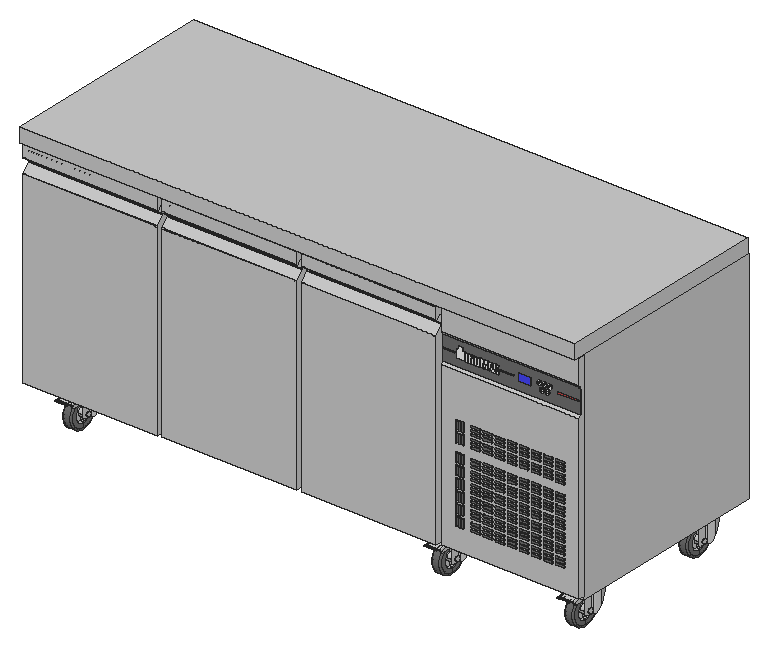
Revit family "QF_INOMAK_PNRP999_250523032323", category Specialty Equipment, Revit 2021 (continued)
Definition of nested family "QF_INOMAK_REF_COUNTERS_DOORS_DRAWERS_16430"
  Parameters (values of type "DR-LX-710")
    Weight [instance] = 0.00 kg
    Warranty Start Date [instance] = ""
    Warranty Duration [instance] = ""
    URL Cutsheet [instance] = ""
    URL = "www.inomak.com"
    Top inset [instance] = 10 mm
    Technical Documentation [instance] = ""
    Tag Number [instance] = ""
    Status [instance] = ""
    Specification by User [instance] = ""
    Specification by Manufacturer [instance] = ""
    Sound Level [instance] = ""
    Solid Fuel Type [instance] = ""
    Show Logo [instance] = yes
    Show Clearances [instance] = yes
    Service Life Duration [instance] = ""
    Serial Number [instance] = ""
    Seismic Rating [instance] = ""
    SMACNA No [instance] = ""
    Right panel thickness [instance] = 0 mm
    Revision Code [instance] = ""
    Revision [instance] = ""
    Rear inset [instance] = 0 mm
    Production Year [instance] = ""
    Point Load [instance] = 0
    Plinth height [instance] = 0 mm
    Other Equipment Approvals [instance] = ""
    NAFEM Spec ID Number [instance] = ""
    Model Warning [instance] = ""
    Model = "DR-LX-710"
    Masterspec [instance] = ""
    Manufacturer = "INOMAK"
    Length Actual [instance] = 435 mm
    Left panel thickness [instance] = 0 mm
    Item Number [instance] = ""
    Installed By [instance] = ""
    Installation Date [instance] = ""
    Identify Quantity as Lot [instance] = yes
    ID [instance] = ""
    Hygiene Approval [instance] = ""
    Height Actual [instance] = 710 mm
    Furnished By [instance] = ""
    Front inset [instance] = 10 mm
    Foodservice Equipment Identifier [instance] = yes
    Finish [instance] = none
    ETL Approved [instance] = yes
    Doors drawers type [instance] = 8
    Description = "LEFT HINGED DOOR"
    Depth Actual [instance] = 700 mm
    Default Elevation = 0 mm
    CSI MasterFormat [instance] = ""
    CE Approved [instance] = yes
    Bottom inset [instance] = 10 mm
    Barcode [instance] = ""
    Author [instance] = ""
    Asset Identifier [instance] = ""
    Assembly Code = "E1090320"
    Accessory [instance] = yes
  Types (9, lengths in mm): name | Model | Height Actual | Doors drawers type | Description
    DW-2-710 | "DW-2-710" | 710 | 4 | "2 X GN 1/2 DRAWERS"
    DR-LX-710 | "DR-LX-710" | 710 | 8 | "LEFT HINGED DOOR"
    DR-RX-710 | "DR-RX-710" | 710 | 9 | "RIGHT HINGED DOOR"
    DW-3-710 | "DW-3-710" | 710 | 6 | "3 X GN 1/3 DRAWERS"
    DW-B-710 | "DW-B-710" | 710 | 5 | "1 X GN 1/3 & 1 X GN 2/3 DRAWERS"
    DW-2-483 | "DW-2-483" | 483 | 4 | "2 X GN 1/3 DRAWERS"
    DR-LX-483 | "DR-LX-483" | 483 | 8 | "LEFT HINGED DOOR"
    DR-RX-483 | "DR-RX-483" | 483 | 9 | "RIGHT HINGED DOOR"
    DW-1-483 | "DW-1-483" | 483 | 10 | "1 X GN 2/3 DRAWER"
  Reference planes
    plane 1 "Front": y = 0
    plane 2: z = 0
    plane 3 "Left": x = 0
    plane 4 "Right": x = 435
    plane 5 "Back": y = 700
    plane 6 "Top": z = 710
    plane 7 "Bottom shelf": z = 0
    plane 8: z = 700
    plane 9: z = 10
    plane 10: x = 0
    plane 11: x = 435
    plane 12 "Center Top Bottom": z = 355
  Lines and regions (mm)
    reference lines
      curve 1: line (0, 0, 355) -> (0, 25, 355)
      curve 2: line (435, 0, 355) -> (435, 25, 355)
      curve 3: line (0, 700, 355) -> (435, 700, 355)
      curve 4: line (0, 0, 355) -> (435, 0, 355)
  Dimensions and locks
    "Length Actual": plane 3 "Left" to plane 4 "Right"
    "Depth Actual": plane 1 "Front" to plane 5 "Back"
    "Height Actual": plane 6 "Top" to plane 7 "Bottom shelf"
    "Plinth height": plane 7 "Bottom shelf" to plane 2
    "Top inset": plane 6 "Top" to plane 8
    "Bottom inset": plane 9 to plane 7 "Bottom shelf"
    "Left panel thickness": plane 3 "Left" to plane 10
    "Right panel thickness": plane 11 to plane 4 "Right"
    equal spacing: plane 6 "Top", plane 12 "Center Top Bottom", plane 7 "Bottom shelf"
    "Length Actual": curve 1 to plane 4 "Right"
    "Length Actual": plane 3 "Left" to curve 2
    "Depth Actual": plane 1 "Front" to curve 3
    "Depth Actual": plane 5 "Back" to curve 4
    aligned and locked: level to plane 2
    aligned and locked: plane 3 "Left" to nested 1
    aligned and locked: plane 3 "Left" to nested 2
    aligned and locked: plane 3 "Left" to nested 3
    aligned and locked: plane 3 "Left" to nested 4
    aligned and locked: plane 3 "Left" to nested 5
    aligned and locked: plane 3 "Left" to nested 6
    aligned and locked: plane 3 "Left" to nested 7
    aligned and locked: plane 3 "Left" to nested 8
    aligned and locked: plane 3 "Left" to nested 9
    aligned and locked: nested 4 to plane 1 "Front"
    aligned and locked: nested 6 to plane 1 "Front"
    aligned and locked: nested 8 to plane 1 "Front"
    aligned and locked: nested 5 to plane 1 "Front"
    aligned and locked: nested 3 to plane 1 "Front"
    aligned and locked: nested 7 to plane 1 "Front"
    aligned and locked: nested 2 to plane 1 "Front"
    aligned and locked: nested 1 to plane 1 "Front"
    aligned and locked: nested 9 to plane 1 "Front"
  Automatic sketch dimensions
    curve 3 to plane 4 "Right" = 0 mm
    curve 3 to plane 3 "Left" = 0 mm
    curve 2 to curve 2 = 25 mm
    curve 1 to curve 1 = 25 mm
  Nested families
    nested 1: "Right_Door" at (0, 700, 0), Depth Actual <- "Depth Actual", Height Actual <- "Height Actual", Length Actual <- "Length Actual", Front inset <- "Front inset", Rear inset <- "Rear inset", Left panel thickness <- "Left panel thickness", Right panel thickness <- "Right panel thickness", Doors drawers type <- "Doors drawers type", Plinth height <- "Plinth height", Top inset <- "Top inset", Bottom inset <- "Bottom inset", type "Right door"
      with Top inset 10 mm, Right panel thickness 0 mm, Right hand hinged door no, Rear inset 0 mm, Plinth height 0 mm, Length Actual 435 mm, Left panel thickness 0 mm, Height Actual 710 mm, Front inset 10 mm, Doors drawers type 8, Depth Actual 700 mm, Bottom inset 10 mm
    nested 2: "Left_Door" at (0, 700, 0), Depth Actual <- "Depth Actual", Height Actual <- "Height Actual", Length Actual <- "Length Actual", Front inset <- "Front inset", Rear inset <- "Rear inset", Left panel thickness <- "Left panel thickness", Right panel thickness <- "Right panel thickness", Doors drawers type <- "Doors drawers type", Plinth height <- "Plinth height", Top inset <- "Top inset", Bottom inset <- "Bottom inset", type "Left door"
      with Top inset 10 mm, Right panel thickness 0 mm, Rear inset 0 mm, Plinth height 0 mm, Length Actual 435 mm, Left panel thickness 0 mm, Left hand hinged door yes, Height Actual 710 mm, Front inset 10 mm, Doors drawers type 8, Depth Actual 700 mm, Bottom inset 10 mm
    nested 3: "3_Drawers_1-3" at (0, 700, 0), Depth Actual <- "Depth Actual", Height Actual <- "Height Actual", Length Actual <- "Length Actual", Front inset <- "Front inset", Rear inset <- "Rear inset", Left panel thickness <- "Left panel thickness", Right panel thickness <- "Right panel thickness", Doors drawers type <- "Doors drawers type", Plinth height <- "Plinth height", Top inset <- "Top inset", Bottom inset <- "Bottom inset", type "3 Drawers 1-3"
      with Top inset 10 mm, Right panel thickness 0 mm, Rear inset 0 mm, Plinth height 0 mm, Length Actual 435 mm, Left panel thickness 0 mm, Height Actual 710 mm, Front inset 10 mm, Doors drawers type 8, Depth Actual 700 mm, Bottom inset 10 mm, 3 Drawers no
    nested 4: "2_Drawers_1-2" at (0, 700, 0), Depth Actual <- "Depth Actual", Height Actual <- "Height Actual", Length Actual <- "Length Actual", Front inset <- "Front inset", Rear inset <- "Rear inset", Left panel thickness <- "Left panel thickness", Right panel thickness <- "Right panel thickness", Doors drawers type <- "Doors drawers type", Plinth height <- "Plinth height", Top inset <- "Top inset", Bottom inset <- "Bottom inset", type "2 Drawers 1-2"
      with Top inset 10 mm, Right panel thickness 0 mm, Rear inset 0 mm, Plinth height 0 mm, Length Actual 435 mm, Left panel thickness 0 mm, Height Actual 710 mm, Front inset 10 mm, Doors drawers type 8, Depth Actual 700 mm, Bottom inset 10 mm, 2 Drawers no
    nested 5: "2_Drawers_1-3_2-3" at (0, 700, 0), Depth Actual <- "Depth Actual", Height Actual <- "Height Actual", Length Actual <- "Length Actual", Front inset <- "Front inset", Rear inset <- "Rear inset", Left panel thickness <- "Left panel thickness", Right panel thickness <- "Right panel thickness", Doors drawers type <- "Doors drawers type", Plinth height <- "Plinth height", Top inset <- "Top inset", Bottom inset <- "Bottom inset", type "2 Drawers 1-3 and 2-3"
      with Top inset 10 mm, Right panel thickness 0 mm, Rear inset 0 mm, Plinth height 0 mm, Length Actual 435 mm, Left panel thickness 0 mm, Height Actual 710 mm, Front inset 10 mm, Doors drawers type 8, Depth Actual 700 mm, Bottom inset 10 mm, 2 Drawers 1-3 and 2-3 no
    nested 6: "Sliding_Doors" at (0, 700, 0), Depth Actual <- "Depth Actual", Height Actual <- "Height Actual", Length Actual <- "Length Actual", Front inset <- "Front inset", Rear inset <- "Rear inset", Left panel thickness <- "Left panel thickness", Right panel thickness <- "Right panel thickness", Doors drawers type <- "Doors drawers type", Plinth height <- "Plinth height", Top inset <- "Top inset", Bottom inset <- "Bottom inset", Finish <- "Finish", type "Sliding doors"
      with Top inset 10 mm, Sliding doors no, Right panel thickness 0 mm, Rear inset 0 mm, Plinth height 0 mm, Length Actual 435 mm, Left panel thickness 0 mm, Height Actual 710 mm, Front inset 10 mm, Finish none, Doors drawers type 8, Depth Actual 700 mm, Bottom inset 10 mm
    nested 7: "4_Drawers_1-4" at (0, 700, 0), Depth Actual <- "Depth Actual", Height Actual <- "Height Actual", Length Actual <- "Length Actual", Front inset <- "Front inset", Rear inset <- "Rear inset", Left panel thickness <- "Left panel thickness", Right panel thickness <- "Right panel thickness", Doors drawers type <- "Doors drawers type", Plinth height <- "Plinth height", Top inset <- "Top inset", Bottom inset <- "Bottom inset", Finish <- "Finish", type "4 Drawers 1-4"
      with Top inset 10 mm, Right panel thickness 0 mm, Rear inset 0 mm, Plinth height 0 mm, Length Actual 435 mm, Left panel thickness 0 mm, Height Actual 710 mm, Front inset 10 mm, Finish none, Doors drawers type 8, Depth Actual 700 mm, Bottom inset 10 mm, 4 Drawers no
    nested 8: "Hinged_Doors" at (0, 700, 0), Length Actual <- "Length Actual", Depth Actual <- "Depth Actual", Height Actual <- "Height Actual", Front inset <- "Front inset", Rear inset <- "Rear inset", Left panel thickness <- "Left panel thickness", Right panel thickness <- "Right panel thickness", Doors drawers type <- "Doors drawers type", Plinth height <- "Plinth height", Top inset <- "Top inset", Bottom inset <- "Bottom inset", Finish <- "Finish", type "Hinged doors"
      with Top inset 10 mm, Right panel thickness 0 mm, Rear inset 0 mm, Plinth height 0 mm, Length Actual 435 mm, Left panel thickness 0 mm, Hinged doors no, Height Actual 710 mm, Front inset 10 mm, Finish none, Doors drawers type 8, Depth Actual 700 mm, Bottom inset 10 mm
    nested 9: "Hopper" at (0, 700, 1.284), Length Actual <- "Length Actual", Depth Actual <- "Depth Actual", Height Actual <- "Height Actual", Front inset <- "Front inset", Rear inset <- "Rear inset", Left panel thickness <- "Left panel thickness", Right panel thickness <- "Right panel thickness", Doors drawers type <- "Doors drawers type", Plinth height <- "Plinth height", Top inset <- "Top inset", Bottom inset <- "Bottom inset", Finish <- "Finish", type "Hopper"
      with Top inset 10 mm, Right panel thickness 0 mm, Rear inset 0 mm, Plinth height 0 mm, Length Actual 435 mm, Left panel thickness 0 mm, Hopper no, Height Actual 710 mm, Front inset 10 mm, Finish none, Doors drawers type 8, Depth Actual 700 mm, Bottom inset 10 mm
  Definition of nested family "Left_Door"
    Parameters (values of type "Left door")
      URL = "www.specifiglobal.com"
      Top inset [instance] = 10 mm
      Right panel thickness [instance] = 0 mm
      Rear inset [instance] = 0 mm
      Plinth height [instance] = 150 mm
      Model = ""
      Manufacturer = "DEMO CONSULTANT"
      Length Actual [instance] = 700 mm
      Left panel thickness [instance] = 0 mm
      Left hand hinged door [instance] = Doors drawers type = 8  # yes
      Height Actual [instance] = 710 mm
      Front inset [instance] = 10 mm
      Finish = none
      Doors drawers type [instance] = 8
      Description = ""
      Depth Actual [instance] = 700 mm
      Default Elevation = 0 mm
      Bottom inset [instance] = 0 mm
      Assembly Code = "E1090320"
    Reference planes
      plane 1 "Back": y = 0
      plane 2: z = 0
      plane 3 "Left": x = 0
      plane 4 "Right": x = 700
      plane 5 "Front": y = -700
      plane 6 "Top": z = 860
      plane 7 "Front legs": y = -690
      plane 8 "Legs top": z = 150
      plane 9 "Backsplash thickness": y = 0
      plane 10 "Left panel": x = 0
      plane 11 "Right panel": x = 700
      plane 12: z = 850
      plane 13: z = 150
    Forms (mm)
      Extrusion 1, solid, material <- "Finish", visible <- "Left hand hinged door"
        sketch origin (0, 0, 0) x (0, -1, 0) y (0, 0, 1)
          loop
            line (690, 150) -> (690, 764.365)
            arc (690, 764.365) -> (689.866, 765.037) -> (689.485, 765.607) r 1.757
            line (689.485, 765.607) -> (666.663, 788.429)
            arc (666.663, 788.429) -> (665.976, 789.458) -> (665.734, 790.672) r 3.172
            line (665.734, 790.672) -> (665.734, 817.576)
            arc (665.734, 817.576) -> (666.433, 819.262) -> (668.119, 819.961) r 2.385
            line (668.119, 819.961) -> (680.029, 819.961) -> (686.544, 810.657)
            arc (686.544, 810.657) -> (688.671, 809.935) -> (690, 811.747) r 1.9
            line (690, 811.747) -> (690, 850) -> (648, 850) -> (648, 150) -> (690, 150)
        from 0 to -700
      Extrusion 2, solid, visible <- "Left hand hinged door", detail levels coarse
        sketch origin (0, -700, 150) x (-1, 0, 0) y (0, 1, 0)
          loop
            arc (-700, 10) -> (-495.871, -481.066) -> (0, -673.23) r 677.11
            line (0, -673.23) -> (0, 10) -> (-700, 10)
        from 0 to -700
    Lines and regions (mm)
      symbolic lines, visible <- "Left hand hinged door"
        curve 1: line (0, -700, 150) -> (0, -1373.247, 150)
        curve 2: arc (0, -1373.247, 150) -> (492.316, -1184.595, 150) -> (700, -700, 150) r 676.963
    Dimensions and locks
      "Length Actual": plane 3 "Left" to plane 4 "Right"
      "Depth Actual": plane 5 "Front" to plane 1 "Back"
      "Height Actual": plane 6 "Top" to plane 8 "Legs top"
      "Front inset": plane 7 "Front legs" to plane 5 "Front"
      "Plinth height": plane 8 "Legs top" to plane 2
      "Rear inset": plane 9 "Backsplash thickness" to plane 1 "Back"
      "Right panel thickness": plane 11 "Right panel" to plane 4 "Right"
      "Left panel thickness": plane 3 "Left" to plane 10 "Left panel"
      "Top inset": plane 6 "Top" to plane 12
      "Bottom inset": plane 13 to plane 8 "Legs top"
      aligned and locked: level to plane 2
      aligned and locked: Extrusion 1 to plane 11 "Right panel"
      aligned and locked: plane 10 "Left panel" to Extrusion 2 sketch curve
      aligned and locked: plane 11 "Right panel" to Extrusion 2 sketch curve
      aligned and locked: Extrusion 2 sketch curve to plane 10 "Left panel"
      aligned and locked: plane 7 "Front legs" to Extrusion 2 sketch curve
      aligned and locked: plane 7 "Front legs" to Extrusion 2
      aligned and locked: plane 10 "Left panel" to Extrusion 2
      aligned and locked: Extrusion 2 to plane 12
      aligned and locked: Extrusion 1 sketch curve to plane 13
      aligned and locked: Extrusion 1 sketch curve to plane 7 "Front legs"
      aligned and locked: Extrusion 1 sketch curve to plane 12
    Automatic sketch dimensions
      Extrusion 1 sketch curve to Extrusion 1 sketch curve = 1.556 mm
      Extrusion 1 sketch curve to Extrusion 1 sketch curve = 11.91 mm
      Extrusion 1 sketch curve to Extrusion 1 sketch curve = 2.243 mm
      Extrusion 1 sketch curve to Extrusion 1 sketch curve = 2.385 mm
      Extrusion 1 sketch curve to Extrusion 1 sketch curve = 20.119 mm
      Extrusion 1 sketch curve to Extrusion 1 sketch curve = 22.822 mm
      Extrusion 1 sketch curve to Extrusion 1 sketch curve = 19.985 mm
      Extrusion 1 sketch curve to Extrusion 1 sketch curve = 6.919 mm
      Extrusion 1 sketch curve to Extrusion 1 sketch curve = 30.039 mm
      plane 7 "Front legs" to Extrusion 1 sketch curve = 42 mm
      Extrusion 1 sketch curve to Extrusion 1 sketch curve = 0.929 mm
      Extrusion 1 sketch curve to Extrusion 1 sketch curve = 6.515 mm
      Extrusion 1 sketch curve to Extrusion 1 sketch curve = 1.242 mm
      Extrusion 1 sketch curve to Extrusion 1 sketch curve = 1.9 mm
      Extrusion 1 sketch curve to Extrusion 1 sketch curve = 0.515 mm
      plane 5 "Front" to Extrusion 2 sketch curve = 3.492 mm
      plane 3 "Left" to Extrusion 2 sketch curve = 22.921 mm
      curve 1 to plane 3 "Left" = 0 mm
      curve 2 to plane 4 "Right" = 0 mm
      curve 2 to plane 5 "Front" = 0 mm
      curve 1 to plane 5 "Front" = 0 mm
      plane 5 "Front" to curve 2 = 3.324 mm
      plane 3 "Left" to curve 2 = 23.045 mm
  Definition of nested family "Right_Door"
    Parameters (values of type "Right door")
      URL = "www.specifiglobal.com"
      Top inset [instance] = 4 mm
      Right panel thickness [instance] = 35 mm
      Right hand hinged door [instance] = Doors drawers type = 9  # yes
      Rear inset [instance] = 10 mm
      Plinth height [instance] = 150 mm
      Model = ""
      Manufacturer = "DEMO CONSULTANT"
      Length Actual [instance] = 1700 mm
      Left panel thickness [instance] = 35 mm
      Height Actual [instance] = 900 mm
      Front inset [instance] = 10 mm
      Finish = none
      Doors drawers type [instance] = 9
      Description = ""
      Depth Actual [instance] = 700 mm
      Default Elevation = 0 mm
      Bottom inset [instance] = 4 mm
      Assembly Code = "E1090320"
    Reference planes
      plane 1 "Back": y = 0
      plane 2: z = 0
      plane 3 "Left": x = 0
      plane 4 "Right": x = 1700
      plane 5 "Front": y = -700
      plane 6 "Top": z = 1050
      plane 7 "Front legs": y = -690
      plane 8 "Legs top": z = 150
      plane 9 "Backsplash thickness": y = -10
      plane 10 "Left panel": x = 35
      plane 11 "Right panel": x = 1665
      plane 12: z = 1046
      plane 13: z = 154
    Forms (mm)
      Extrusion 1, solid, material <- "Finish", visible <- "Right hand hinged door"
        sketch origin (35, 0, 0) x (0, -1, 0) y (0, 0, 1)
          loop
            line (690, 154) -> (690, 960.365)
            arc (690, 960.365) -> (689.866, 961.037) -> (689.485, 961.607) r 1.757
            line (689.485, 961.607) -> (666.663, 984.429)
            arc (666.663, 984.429) -> (665.976, 985.458) -> (665.734, 986.672) r 3.172
            line (665.734, 986.672) -> (665.734, 1013.576)
            arc (665.734, 1013.576) -> (666.433, 1015.262) -> (668.119, 1015.961) r 2.385
            line (668.119, 1015.961) -> (680.029, 1015.961) -> (686.544, 1006.657)
            arc (686.544, 1006.657) -> (688.671, 1005.935) -> (690, 1007.747) r 1.9
            line (690, 1007.747) -> (690, 1046) -> (648, 1046) -> (648, 154) -> (690, 154)
        from 0 to -1630
      Extrusion 2, solid, visible <- "Right hand hinged door", detail levels coarse
        sketch origin (0, -700, 154) x (-1, 0, 0) y (0, 1, 0)
          loop
            line (-1665, 10) -> (-1665, -1637.12)
            arc (-1665, -1637.12) -> (-517.894, -1142.214) -> (-35, 10) r 1670.236
            line (-35, 10) -> (-1665, 10)
        from 0 to -892
    Lines and regions (mm)
      symbolic lines, visible <- "Right hand hinged door"
        curve 1: line (1665, -2337.12, 150) -> (1665, -700, 150)
        curve 2: arc (1665, -2337.12, 150) -> (521.415, -1845.762, 150) -> (35.165, -699.995, 150) r 1670.236
    Dimensions and locks
      "Length Actual": plane 3 "Left" to plane 4 "Right"
      "Depth Actual": plane 5 "Front" to plane 1 "Back"
      "Height Actual": plane 6 "Top" to plane 8 "Legs top"
      "Front inset": plane 7 "Front legs" to plane 5 "Front"
      "Plinth height": plane 8 "Legs top" to plane 2
      "Rear inset": plane 9 "Backsplash thickness" to plane 1 "Back"
      "Right panel thickness": plane 11 "Right panel" to plane 4 "Right"
      "Left panel thickness": plane 3 "Left" to plane 10 "Left panel"
      "Top inset": plane 6 "Top" to plane 12
      "Bottom inset": plane 13 to plane 8 "Legs top"
      aligned and locked: level to plane 2
      aligned and locked: Extrusion 1 to plane 11 "Right panel"
      aligned and locked: plane 10 "Left panel" to Extrusion 2 sketch curve
      aligned and locked: plane 11 "Right panel" to Extrusion 2 sketch curve
      aligned and locked: plane 7 "Front legs" to Extrusion 2
      aligned and locked: plane 7 "Front legs" to Extrusion 2 sketch curve
      aligned and locked: Extrusion 2 sketch curve to plane 11 "Right panel"
      aligned and locked: curve 1 to Extrusion 2
      aligned and locked: plane 5 "Front" to curve 1
      aligned and locked: Extrusion 2 to plane 12
      aligned and locked: Extrusion 1 sketch curve to plane 12
      aligned and locked: Extrusion 1 sketch curve to plane 7 "Front legs"
      aligned and locked: Extrusion 1 sketch curve to plane 13
      aligned and locked: curve 2 to Extrusion 2
    Automatic sketch dimensions
      Extrusion 1 sketch curve to Extrusion 1 sketch curve = 1.556 mm
      Extrusion 1 sketch curve to Extrusion 1 sketch curve = 11.91 mm
      Extrusion 1 sketch curve to Extrusion 1 sketch curve = 2.243 mm
      Extrusion 1 sketch curve to Extrusion 1 sketch curve = 2.385 mm
      Extrusion 1 sketch curve to Extrusion 1 sketch curve = 20.119 mm
      Extrusion 1 sketch curve to Extrusion 1 sketch curve = 22.822 mm
      Extrusion 1 sketch curve to Extrusion 1 sketch curve = 19.985 mm
      Extrusion 1 sketch curve to Extrusion 1 sketch curve = 6.919 mm
      Extrusion 1 sketch curve to Extrusion 1 sketch curve = 30.039 mm
      plane 7 "Front legs" to Extrusion 1 sketch curve = 42 mm
      Extrusion 1 sketch curve to Extrusion 1 sketch curve = 0.929 mm
      Extrusion 1 sketch curve to Extrusion 1 sketch curve = 6.515 mm
      Extrusion 1 sketch curve to Extrusion 1 sketch curve = 1.242 mm
      Extrusion 1 sketch curve to Extrusion 1 sketch curve = 1.9 mm
      Extrusion 1 sketch curve to Extrusion 1 sketch curve = 0.515 mm
      Extrusion 2 sketch curve to plane 4 "Right" = 5.083 mm
      plane 7 "Front legs" to Extrusion 2 sketch curve = 22.635 mm
      plane 5 "Front" to curve 2 = 0.005 mm
  Definition of nested family "3_Drawers_1-3"
    Parameters (values of type "3 Drawers 1-3")
      URL = "www.specifiglobal.com"
      Top inset [instance] = 4 mm
      Right panel thickness [instance] = 35 mm
      Rear inset [instance] = 10 mm
      Plinth height [instance] = 150 mm
      Model = ""
      Manufacturer = "DEMO CONSULTANT"
      Length Actual [instance] = 1200 mm
      Left panel thickness [instance] = 35 mm
      Height Actual [instance] = 900 mm
      Front inset [instance] = 10 mm
      Finish = none
      Doors drawers type [instance] = 6
      Description = ""
      Depth Actual [instance] = 700 mm
      Default Elevation = 0 mm
      Bottom inset [instance] = 4 mm
      Assembly Code = "E1090320"
      3 Drawers [instance] = Doors drawers type = 6  # yes
    Reference planes
      plane 1 "Back": y = 0
      plane 2: z = 0
      plane 3 "Left": x = 0
      plane 4 "Right": x = 1200
      plane 5 "Front": y = -700
      plane 6 "Top": z = 1050
      plane 7 "Front legs": y = -690
      plane 8 "Legs top": z = 150
      plane 9 "Backsplash thickness": y = -10
      plane 10 "Left panel": x = 35
      plane 11 "Right panel": x = 1165
      plane 12: z = 749.333
      plane 13: z = 1046
      plane 14: z = 751.667
      plane 15: z = 747
      plane 16: z = 1048
      plane 17: z = 450.667
      plane 18: z = 453.333
      plane 19: z = 448
      plane 20: z = 154
      plane 21: z = 152
    Forms (mm)
      Extrusion 1, solid, material <- "Finish", visible <- "3 Drawers"
        sketch origin (35, 0, 0) x (0, -1, 0) y (0, 0, 1)
          loop
            line (690, 751.667) -> (690, 960.365)
            arc (690, 960.365) -> (689.866, 961.037) -> (689.485, 961.607) r 1.757
            line (689.485, 961.607) -> (666.663, 984.429)
            arc (666.663, 984.429) -> (665.976, 985.458) -> (665.734, 986.672) r 3.172
            line (665.734, 986.672) -> (665.734, 1013.576)
            arc (665.734, 1013.576) -> (666.433, 1015.262) -> (668.119, 1015.961) r 2.385
            line (668.119, 1015.961) -> (680.029, 1015.961) -> (686.544, 1006.657)
            arc (686.544, 1006.657) -> (688.671, 1005.935) -> (690, 1007.747) r 1.9
            line (690, 1007.747) -> (690, 1046) -> (648, 1046) -> (648, 751.667) -> (690, 751.667)
        from 0 to -1130
      Extrusion 2, solid, visible <- "3 Drawers", detail levels coarse
        sketch origin (0, -640.463, 751.667) x (0, 1, 0) y (-1, 0, 0)
          loop
            line (-49.537, -35) -> (-624.582, -35) -> (-624.582, -1165) -> (-49.537, -1165) -> (-49.537, -35)
        from 0 to 294.333
      Extrusion 3, solid, visible <- "3 Drawers", detail levels coarse
        sketch origin (0, -640.463, 453.333) x (0, 1, 0) y (-1, 0, 0)
          loop
            line (-49.537, -35) -> (-624.582, -35) -> (-624.582, -1165) -> (-49.537, -1165) -> (-49.537, -35)
        from 0 to 293.667
      Extrusion 4, solid, visible <- "3 Drawers", detail levels coarse
        sketch origin (0, -700, 154) x (-1, 0, 0) y (0, 1, 0)
          loop
            line (-35, 10) -> (-1165, 10) -> (-1165, -565.045) -> (-35, -565.045) -> (-35, 10)
        from 0 to -294
      Extrusion 5, solid, material <- "Finish", visible <- "3 Drawers"
        sketch origin (35, 0, -220.667) x (0, -1, 0) y (0, 0, 1)
          loop
            line (690, 674) -> (690, 882.031)
            arc (690, 882.031) -> (689.866, 882.704) -> (689.485, 883.274) r 1.757
            line (689.485, 883.274) -> (666.663, 906.096)
            arc (666.663, 906.096) -> (665.976, 907.125) -> (665.734, 908.339) r 3.172
            line (665.734, 908.339) -> (665.734, 935.243)
            arc (665.734, 935.243) -> (666.433, 936.929) -> (668.119, 937.628) r 2.385
            line (668.119, 937.628) -> (680.029, 937.628) -> (686.544, 928.324)
            arc (686.544, 928.324) -> (688.671, 927.602) -> (690, 929.414) r 1.9
            line (690, 929.414) -> (690, 967.667) -> (648, 967.667) -> (648, 674) -> (690, 674)
        from 0 to -1130
      Extrusion 6, solid, material <- "Finish", visible <- "3 Drawers"
        sketch origin (35, 0, -441.333) x (0, -1, 0) y (0, 0, 1)
          loop
            line (690, 595.333) -> (690, 800.031)
            arc (690, 800.031) -> (689.866, 800.704) -> (689.485, 801.274) r 1.757
            line (689.485, 801.274) -> (666.663, 824.096)
            arc (666.663, 824.096) -> (665.976, 825.125) -> (665.734, 826.339) r 3.172
            line (665.734, 826.339) -> (665.734, 857.243)
            arc (665.734, 857.243) -> (666.433, 858.929) -> (668.119, 859.628) r 2.385
            line (668.119, 859.628) -> (680.029, 859.628) -> (686.544, 850.324)
            arc (686.544, 850.324) -> (688.671, 849.602) -> (690, 851.414) r 1.9
            line (690, 851.414) -> (690, 889.333) -> (648, 889.333) -> (648, 595.333) -> (690, 595.333)
        from 0 to -1130
    Lines and regions (mm)
      symbolic lines, visible <- "3 Drawers"
        curve 1: line (35, -850, 900) -> (35, -890, 900)
        curve 2: line (35, -890, 900) -> (1165, -890, 900)
        curve 3: line (1165, -890, 900) -> (1165, -850, 900)
        curve 4: line (1165, -850, 900) -> (35, -850, 900)
        curve 5: line (1135, -850, 900) -> (1135, -700, 900)
        curve 6: line (65, -850, 900) -> (65, -700, 900)
        curve 7: line (35, -1040, 900) -> (35, -1080, 900)
        curve 8: line (35, -1080, 900) -> (1165, -1080, 900)
        curve 9: line (1165, -1080, 900) -> (1165, -1040, 900)
        curve 10: line (1165, -1040, 900) -> (35, -1040, 900)
        curve 11: line (1135, -1040, 900) -> (1135, -890, 900)
        curve 12: line (65, -1040, 900) -> (65, -890, 900)
        curve 13: line (35, -1225, 900) -> (35, -1265, 900)
        curve 14: line (35, -1265, 900) -> (1165, -1265, 900)
        curve 15: line (1165, -1265, 900) -> (1165, -1225, 900)
        curve 16: line (1165, -1225, 900) -> (35, -1225, 900)
        curve 17: line (1135, -1225, 900) -> (1135, -1080, 900)
        curve 18: line (65, -1225, 900) -> (65, -1080, 900)
    Dimensions and locks
      "Length Actual": plane 3 "Left" to plane 4 "Right"
      "Depth Actual": plane 5 "Front" to plane 1 "Back"
      "Height Actual": plane 6 "Top" to plane 8 "Legs top"
      "Front inset": plane 7 "Front legs" to plane 5 "Front"
      "Plinth height": plane 8 "Legs top" to plane 2
      "Rear inset": plane 9 "Backsplash thickness" to plane 1 "Back"
      "Right panel thickness": plane 11 "Right panel" to plane 4 "Right"
      "Left panel thickness": plane 3 "Left" to plane 10 "Left panel"
      plane 14 to plane 15 = 4.667 mm
      equal spacing: plane 14, plane 12, plane 15
      locked: plane 16 to plane 13 at 2
      equal spacing: plane 18, plane 17, plane 19
      plane 18 to plane 19 = 5.333 mm
      "Bottom inset": plane 20 to plane 8 "Legs top"
      equal spacing: plane 21, plane 17, plane 12, plane 16
      "Top inset": plane 13 to plane 6 "Top"
      locked: plane 21 to plane 20 at 2
      aligned and locked: level to plane 2
      aligned and locked: Extrusion 1 to plane 11 "Right panel"
      aligned and locked: plane 10 "Left panel" to curve 1
      aligned and locked: plane 10 "Left panel" to curve 7
      aligned and locked: plane 10 "Left panel" to curve 13
      aligned and locked: Extrusion 2 sketch curve to plane 10 "Left panel"
      aligned and locked: plane 11 "Right panel" to Extrusion 2 sketch curve
      aligned and locked: Extrusion 3 sketch curve to plane 10 "Left panel"
      aligned and locked: plane 11 "Right panel" to Extrusion 3 sketch curve
      aligned and locked: Extrusion 4 sketch curve to plane 10 "Left panel"
      aligned and locked: plane 11 "Right panel" to Extrusion 4 sketch curve
      aligned and locked: Extrusion 2 to plane 13
      aligned and locked: Extrusion 3 to plane 15
      aligned and locked: Extrusion 4 to plane 19
      aligned and locked: Extrusion 5 to plane 11 "Right panel"
      aligned and locked: Extrusion 6 to plane 11 "Right panel"
      aligned and locked: Extrusion 1 sketch curve to plane 13
      aligned and locked: Extrusion 1 sketch curve to plane 7 "Front legs"
      aligned and locked: plane 18 to Extrusion 5 sketch curve
      aligned and locked: Extrusion 6 sketch curve to Extrusion 4  (x2)
      aligned and locked: Extrusion 5 sketch curve to plane 15
      aligned and locked: Extrusion 4 to Extrusion 5 sketch curve
      aligned and locked: Extrusion 6 sketch curve to plane 19
      aligned and locked: Extrusion 6 sketch curve to plane 20
    Automatic sketch dimensions
      Extrusion 2 sketch curve to plane 7 "Front legs" = 0 mm
      Extrusion 2 sketch curve to plane 5 "Front" = 565.045 mm
      Extrusion 3 sketch curve to plane 7 "Front legs" = 0 mm
      Extrusion 3 sketch curve to plane 5 "Front" = 565.045 mm
      Extrusion 4 sketch curve to plane 7 "Front legs" = 0 mm
      Extrusion 4 sketch curve to plane 5 "Front" = 565.045 mm
      curve 14 to plane 11 "Right panel" = 0 mm
      curve 8 to plane 11 "Right panel" = 0 mm
      curve 3 to plane 11 "Right panel" = 0 mm
      curve 6 to plane 5 "Front" = 0 mm
      curve 5 to plane 5 "Front" = 0 mm
      curve 1 to plane 5 "Front" = 150 mm
      curve 2 to curve 3 = 40 mm
      curve 10 to curve 1 = 150 mm
      curve 9 to curve 9 = 40 mm
      curve 13 to curve 7 = 145 mm
      curve 14 to curve 13 = 40 mm
      curve 3 to curve 5 = 30 mm
      curve 15 to curve 17 = 30 mm
      curve 11 to curve 17 = 0 mm
      curve 6 to plane 10 "Left panel" = 30 mm
      curve 18 to plane 10 "Left panel" = 30 mm
      curve 12 to curve 18 = 0 mm
      Extrusion 1 sketch curve to plane 14 = 0 mm
      Extrusion 1 sketch curve to plane 7 "Front legs" = 0 mm
      plane 7 "Front legs" to Extrusion 1 sketch curve = 0.515 mm
      plane 7 "Front legs" to Extrusion 1 sketch curve = 1.757 mm
      plane 7 "Front legs" to Extrusion 1 sketch curve = 1.9 mm
      Extrusion 1 sketch curve to Extrusion 1 sketch curve = 1.556 mm
      plane 7 "Front legs" to Extrusion 1 sketch curve = 9.971 mm
      plane 7 "Front legs" to Extrusion 1 sketch curve = 21.094 mm
      Extrusion 1 sketch curve to Extrusion 1 sketch curve = 11.91 mm
      Extrusion 1 sketch curve to Extrusion 1 sketch curve = 2.243 mm
      Extrusion 1 sketch curve to Extrusion 1 sketch curve = 2.385 mm
      Extrusion 1 sketch curve to Extrusion 1 sketch curve = 20.119 mm
      plane 13 to Extrusion 1 sketch curve = 85.635 mm
      Extrusion 1 sketch curve to Extrusion 1 sketch curve = 22.822 mm
      Extrusion 1 sketch curve to Extrusion 1 sketch curve = 19.985 mm
      Extrusion 1 sketch curve to Extrusion 1 sketch curve = 6.919 mm
      plane 15 to Extrusion 5 sketch curve = 59.328 mm
      Extrusion 5 sketch curve to Extrusion 5 sketch curve = 17.734 mm
      plane 15 to Extrusion 5 sketch curve = 61.571 mm
      Extrusion 5 sketch curve to Extrusion 5 sketch curve = 0.929 mm
      Extrusion 5 sketch curve to Extrusion 5 sketch curve = 2.385 mm
      Extrusion 5 sketch curve to Extrusion 5 sketch curve = 11.91 mm
      Extrusion 5 sketch curve to Extrusion 5 sketch curve = 6.515 mm
      Extrusion 5 sketch curve to Extrusion 5 sketch curve = 1.556 mm
      Extrusion 5 sketch curve to Extrusion 5 sketch curve = 21.58 mm
      plane 15 to Extrusion 5 sketch curve = 84.393 mm
      Extrusion 5 sketch curve to Extrusion 5 sketch curve = 1.242 mm
      Extrusion 5 sketch curve to Extrusion 5 sketch curve = 1.9 mm
      Extrusion 5 sketch curve to Extrusion 5 sketch curve = 0.515 mm
      Extrusion 5 sketch curve to Extrusion 5 sketch curve = 6.919 mm
      Extrusion 5 sketch curve to Extrusion 5 sketch curve = 30.039 mm
      plane 7 "Front legs" to Extrusion 6 sketch curve = 0.515 mm
      plane 7 "Front legs" to Extrusion 6 sketch curve = 1.757 mm
      plane 7 "Front legs" to Extrusion 6 sketch curve = 1.9 mm
      Extrusion 6 sketch curve to Extrusion 6 sketch curve = 1.556 mm
      plane 7 "Front legs" to Extrusion 6 sketch curve = 9.971 mm
      plane 7 "Front legs" to Extrusion 6 sketch curve = 21.094 mm
      Extrusion 6 sketch curve to Extrusion 6 sketch curve = 11.91 mm
      Extrusion 6 sketch curve to Extrusion 6 sketch curve = 2.243 mm
      Extrusion 6 sketch curve to Extrusion 6 sketch curve = 2.385 mm
      Extrusion 6 sketch curve to Extrusion 6 sketch curve = 20.119 mm
      plane 19 to Extrusion 6 sketch curve = 89.302 mm
      Extrusion 6 sketch curve to Extrusion 6 sketch curve = 22.822 mm
      Extrusion 6 sketch curve to Extrusion 6 sketch curve = 23.985 mm
      Extrusion 6 sketch curve to Extrusion 6 sketch curve = 6.919 mm
  Definition of nested family "2_Drawers_1-2"
    Parameters (values of type "2 Drawers 1-2")
      URL = "www.specifiglobal.com"
      Top inset [instance] = 4 mm
      Right panel thickness [instance] = 35 mm
      Rear inset [instance] = 10 mm
      Plinth height [instance] = 150 mm
      Model = ""
      Manufacturer = "DEMO CONSULTANT"
      Length Actual [instance] = 1200 mm
      Left panel thickness [instance] = 35 mm
      Height Actual [instance] = 900 mm
      Front inset [instance] = 10 mm
      Finish = none
      Doors drawers type [instance] = 4
      Description = ""
      Depth Actual [instance] = 700 mm
      Default Elevation = 0 mm
      Bottom inset [instance] = 4 mm
      Assembly Code = "E1090320"
      2 Drawers [instance] = Doors drawers type = 4  # yes
    Reference planes
      plane 1 "Back": y = 0
      plane 2: z = 0
      plane 3 "Left": x = 0
      plane 4 "Right": x = 1200
      plane 5 "Front": y = -700
      plane 6 "Top": z = 1050
      plane 7 "Front legs": y = -690
      plane 8 "Legs top": z = 150
      plane 9 "Backsplash thickness": y = -10
      plane 10 "Left panel": x = 35
      plane 11 "Right panel": x = 1165
      plane 12: z = 600
      plane 13: z = 1046
      plane 14: z = 602
      plane 15: z = 598
      plane 16: z = 154
    Forms (mm)
      Extrusion 1, solid, material <- "Finish", visible <- "2 Drawers"
        sketch origin (35, 0, 0) x (0, -1, 0) y (0, 0, 1)
          loop
            line (690, 602) -> (690, 960.365)
            arc (690, 960.365) -> (689.866, 961.037) -> (689.485, 961.607) r 1.757
            line (689.485, 961.607) -> (666.663, 984.429)
            arc (666.663, 984.429) -> (665.976, 985.458) -> (665.734, 986.672) r 3.172
            line (665.734, 986.672) -> (665.734, 1013.576)
            arc (665.734, 1013.576) -> (666.433, 1015.262) -> (668.119, 1015.961) r 2.385
            line (668.119, 1015.961) -> (680.029, 1015.961) -> (686.544, 1006.657)
            arc (686.544, 1006.657) -> (688.671, 1005.935) -> (690, 1007.747) r 1.9
            line (690, 1007.747) -> (690, 1046) -> (648, 1046) -> (648, 602) -> (690, 602)
        from 0 to -1130
      Extrusion 2, solid, visible <- "2 Drawers", detail levels coarse
        sketch origin (0, -640.463, 602) x (0, 1, 0) y (-1, 0, 0)
          loop
            line (-49.537, -35) -> (-624.537, -35) -> (-624.537, -1165) -> (-49.537, -1165) -> (-49.537, -35)
        from 0 to 444
      Extrusion 3, solid, visible <- "2 Drawers", detail levels coarse
        sketch origin (0, -700, 154) x (-1, 0, 0) y (0, 1, 0)
          loop
            line (-35, 10) -> (-1165, 10) -> (-1165, -565) -> (-35, -565) -> (-35, 10)
        from 0 to -444
      Extrusion 4, solid, material <- "Finish", visible <- "2 Drawers"
        sketch origin (35, 0, -441.333) x (0, -1, 0) y (0, 0, 1)
          loop
            line (690, 595.333) -> (690, 953.698)
            arc (690, 953.698) -> (689.866, 954.37) -> (689.485, 954.94) r 1.757
            line (689.485, 954.94) -> (666.663, 977.763)
            arc (666.663, 977.763) -> (665.976, 978.792) -> (665.734, 980.006) r 3.172
            line (665.734, 980.006) -> (665.734, 1006.909)
            arc (665.734, 1006.909) -> (666.433, 1008.596) -> (668.119, 1009.294) r 2.385
            line (668.119, 1009.294) -> (680.029, 1009.294) -> (686.544, 999.991)
            arc (686.544, 999.991) -> (688.671, 999.268) -> (690, 1001.08) r 1.9
            line (690, 1001.08) -> (690, 1039.333) -> (648, 1039.333) -> (648, 595.333) -> (690, 595.333)
        from 0 to -1130
    Lines and regions (mm)
      symbolic lines, visible <- "2 Drawers"
        curve 1: line (35, -940, 900) -> (35, -980, 900)
        curve 2: line (35, -980, 900) -> (1165, -980, 900)
        curve 3: line (1165, -980, 900) -> (1165, -940, 900)
        curve 4: line (1165, -940, 900) -> (35, -940, 900)
        curve 5: line (1135, -940, 900) -> (1135, -700, 900)
        curve 6: line (65, -940, 900) -> (65, -700, 900)
        curve 7: line (35, -1225, 900) -> (35, -1265, 900)
        curve 8: line (35, -1265, 900) -> (1165, -1265, 900)
        curve 9: line (1165, -1265, 900) -> (1165, -1225, 900)
        curve 10: line (1165, -1225, 900) -> (35, -1225, 900)
        curve 11: line (1135, -1225, 900) -> (1135, -980, 900)
        curve 12: line (65, -1225, 900) -> (65, -980, 900)
    Dimensions and locks
      "Length Actual": plane 3 "Left" to plane 4 "Right"
      "Depth Actual": plane 5 "Front" to plane 1 "Back"
      "Height Actual": plane 6 "Top" to plane 8 "Legs top"
      "Front inset": plane 7 "Front legs" to plane 5 "Front"
      "Plinth height": plane 8 "Legs top" to plane 2
      "Rear inset": plane 9 "Backsplash thickness" to plane 1 "Back"
      "Right panel thickness": plane 11 "Right panel" to plane 4 "Right"
      "Left panel thickness": plane 3 "Left" to plane 10 "Left panel"
      "Top inset": plane 6 "Top" to plane 13
      "Bottom inset": plane 16 to plane 8 "Legs top"
      equal spacing: plane 16, plane 12, plane 13
      locked: plane 14 to plane 12 at 2
      locked: plane 15 to plane 12 at 2
      aligned and locked: level to plane 2
      aligned and locked: Extrusion 1 to plane 11 "Right panel"
      aligned and locked: plane 10 "Left panel" to curve 1
      aligned and locked: plane 10 "Left panel" to curve 7
      aligned and locked: Extrusion 2 sketch curve to plane 10 "Left panel"
      aligned and locked: plane 11 "Right panel" to Extrusion 2 sketch curve
      aligned and locked: Extrusion 3 sketch curve to plane 10 "Left panel"
      aligned and locked: plane 11 "Right panel" to Extrusion 3 sketch curve
      aligned and locked: Extrusion 2 to plane 13
      aligned and locked: Extrusion 4 to plane 11 "Right panel"
      aligned and locked: Extrusion 3 to plane 15
      aligned and locked: Extrusion 1 sketch curve to plane 13
      aligned and locked: Extrusion 1 sketch curve to plane 7 "Front legs"
      aligned and locked: plane 14 to Extrusion 1 sketch curve
      aligned and locked: Extrusion 4 sketch curve to plane 15
      aligned and locked: Extrusion 4 sketch curve to plane 7 "Front legs"
      aligned and locked: Extrusion 4 sketch curve to plane 16
    Automatic sketch dimensions
      Extrusion 2 sketch curve to plane 7 "Front legs" = 0 mm
      Extrusion 2 sketch curve to plane 5 "Front" = 565 mm
      Extrusion 3 sketch curve to plane 7 "Front legs" = 0 mm
      Extrusion 3 sketch curve to plane 5 "Front" = 565 mm
      curve 9 to plane 11 "Right panel" = 0 mm
      curve 2 to plane 11 "Right panel" = 0 mm
      curve 5 to plane 5 "Front" = 0 mm
      curve 6 to plane 5 "Front" = 0 mm
      curve 1 to plane 5 "Front" = 240 mm
      curve 3 to curve 3 = 40 mm
      curve 7 to curve 1 = 245 mm
      curve 8 to curve 9 = 40 mm
      plane 11 "Right panel" to curve 5 = 30 mm
      curve 2 to curve 11 = 30 mm
      curve 6 to plane 10 "Left panel" = 30 mm
      curve 12 to plane 10 "Left panel" = 30 mm
      Extrusion 1 sketch curve to Extrusion 1 sketch curve = 17.734 mm
      Extrusion 1 sketch curve to Extrusion 1 sketch curve = 0.929 mm
      Extrusion 1 sketch curve to Extrusion 1 sketch curve = 2.385 mm
      Extrusion 1 sketch curve to Extrusion 1 sketch curve = 3.172 mm
      Extrusion 1 sketch curve to Extrusion 1 sketch curve = 11.91 mm
      Extrusion 1 sketch curve to Extrusion 1 sketch curve = 6.515 mm
      Extrusion 1 sketch curve to Extrusion 1 sketch curve = 1.556 mm
      Extrusion 1 sketch curve to Extrusion 1 sketch curve = 21.58 mm
      Extrusion 1 sketch curve to Extrusion 1 sketch curve = 1.242 mm
      Extrusion 1 sketch curve to Extrusion 1 sketch curve = 1.9 mm
      Extrusion 1 sketch curve to Extrusion 1 sketch curve = 0.515 mm
      Extrusion 1 sketch curve to Extrusion 1 sketch curve = 22.822 mm
      Extrusion 1 sketch curve to Extrusion 1 sketch curve = 19.985 mm
      Extrusion 1 sketch curve to Extrusion 1 sketch curve = 6.919 mm
      Extrusion 1 sketch curve to Extrusion 1 sketch curve = 30.039 mm
      Extrusion 4 sketch curve to plane 7 "Front legs" = 0 mm
      plane 7 "Front legs" to Extrusion 4 sketch curve = 0.515 mm
      plane 7 "Front legs" to Extrusion 4 sketch curve = 1.757 mm
      plane 7 "Front legs" to Extrusion 4 sketch curve = 1.9 mm
      Extrusion 4 sketch curve to Extrusion 4 sketch curve = 1.556 mm
      plane 7 "Front legs" to Extrusion 4 sketch curve = 9.971 mm
      plane 7 "Front legs" to Extrusion 4 sketch curve = 21.094 mm
      Extrusion 4 sketch curve to Extrusion 4 sketch curve = 11.91 mm
      Extrusion 4 sketch curve to Extrusion 4 sketch curve = 2.243 mm
      Extrusion 4 sketch curve to Extrusion 4 sketch curve = 2.385 mm
      Extrusion 4 sketch curve to Extrusion 4 sketch curve = 20.119 mm
      Extrusion 4 sketch curve to Extrusion 4 sketch curve = 22.822 mm
      Extrusion 4 sketch curve to Extrusion 4 sketch curve = 19.985 mm
      Extrusion 4 sketch curve to Extrusion 4 sketch curve = 6.919 mm
      Extrusion 4 sketch curve to Extrusion 4 sketch curve = 30.039 mm
  Definition of nested family "2_Drawers_1-3_2-3"
    Parameters (values of type "2 Drawers 1-3 and 2-3")
      URL = "www.specifiglobal.com"
      Top inset [instance] = 4 mm
      Right panel thickness [instance] = 35 mm
      Rear inset [instance] = 10 mm
      Plinth height [instance] = 150 mm
      Model = ""
      Manufacturer = "DEMO CONSULTANT"
      Length Actual [instance] = 1200 mm
      Left panel thickness [instance] = 35 mm
      Height Actual [instance] = 900 mm
      Front inset [instance] = 10 mm
      Finish = none
      Doors drawers type [instance] = 5
      Description = ""
      Depth Actual [instance] = 700 mm
      Default Elevation = 0 mm
      Bottom inset [instance] = 4 mm
      Assembly Code = "E1090320"
      2 Drawers 1-3 and 2-3 [instance] = Doors drawers type = 5  # yes
    Reference planes
      plane 1 "Back": y = 0
      plane 2: z = 0
      plane 3 "Left": x = 0
      plane 4 "Right": x = 1200
      plane 5 "Front": y = -700
      plane 6 "Top": z = 1050
      plane 7 "Front legs": y = -690
      plane 8 "Legs top": z = 150
      plane 9 "Backsplash thickness": y = -10
      plane 10 "Left panel": x = 35
      plane 11 "Right panel": x = 1165
      plane 12: z = 1046
      plane 13: z = 751.833
      plane 14: z = 746.833
      plane 15: z = 154
      plane 16: z = 450.667
      plane 17: z = 152
      plane 18: z = 1048
      plane 19: z = 749.333
    Forms (mm)
      Extrusion 1, solid, material <- "Finish", visible <- "2 Drawers 1-3 and 2-3"
        sketch origin (35, 0, 0) x (0, -1, 0) y (0, 0, 1)
          loop
            line (690, 751.833) -> (690, 960.365)
            arc (690, 960.365) -> (689.866, 961.037) -> (689.485, 961.607) r 1.757
            line (689.485, 961.607) -> (666.663, 984.429)
            arc (666.663, 984.429) -> (665.976, 985.458) -> (665.734, 986.672) r 3.172
            line (665.734, 986.672) -> (665.734, 1013.576)
            arc (665.734, 1013.576) -> (666.433, 1015.262) -> (668.119, 1015.961) r 2.385
            line (668.119, 1015.961) -> (680.029, 1015.961) -> (686.544, 1006.657)
            arc (686.544, 1006.657) -> (688.671, 1005.935) -> (690, 1007.747) r 1.9
            line (690, 1007.747) -> (690, 1046) -> (648, 1046) -> (648, 751.833) -> (690, 751.833)
        from 0 to -1130
      Extrusion 2, solid, visible <- "2 Drawers 1-3 and 2-3", detail levels coarse
        sketch origin (0, -640.463, 751.833) x (0, 1, 0) y (-1, 0, 0)
          loop
            line (-49.537, -35) -> (-624.537, -35) -> (-624.537, -1165) -> (-49.537, -1165) -> (-49.537, -35)
        from 0 to 294.167
      Extrusion 3, solid, visible <- "2 Drawers 1-3 and 2-3", detail levels coarse
        sketch origin (0, -700, 154) x (-1, 0, 0) y (0, 1, 0)
          loop
            line (-35, 10) -> (-1165, 10) -> (-1165, -565) -> (-35, -565) -> (-35, 10)
        from 0 to -592.833
      Extrusion 4, solid, material <- "Finish", visible <- "2 Drawers 1-3 and 2-3"
        sketch origin (35, 0, -441.333) x (0, -1, 0) y (0, 0, 1)
          loop
            line (690, 595.333) -> (690, 1101.698)
            arc (690, 1101.698) -> (689.866, 1102.37) -> (689.485, 1102.94) r 1.757
            line (689.485, 1102.94) -> (666.663, 1126.596)
            arc (666.663, 1126.596) -> (665.976, 1127.625) -> (665.734, 1128.839) r 3.172
            line (665.734, 1128.839) -> (665.734, 1155.743)
            arc (665.734, 1155.743) -> (666.433, 1157.429) -> (668.119, 1158.128) r 2.385
            line (668.119, 1158.128) -> (680.029, 1158.128) -> (686.544, 1148.824)
            arc (686.544, 1148.824) -> (688.671, 1148.102) -> (690, 1149.914) r 1.9
            line (690, 1149.914) -> (690, 1188.167) -> (648, 1188.167) -> (648, 595.333) -> (690, 595.333)
        from 0 to -1130
    Lines and regions (mm)
      symbolic lines, visible <- "2 Drawers 1-3 and 2-3"
        curve 1: line (35, -1000, 900) -> (35, -1040, 900)
        curve 2: line (35, -1040, 900) -> (1165, -1040, 900)
        curve 3: line (1165, -1040, 900) -> (1165, -1000, 900)
        curve 4: line (1165, -1000, 900) -> (35, -1000, 900)
        curve 5: line (1135, -1000, 900) -> (1135, -700, 900)
        curve 6: line (65, -1000, 900) -> (65, -700, 900)
        curve 7: line (35, -1225, 900) -> (35, -1265, 900)
        curve 8: line (35, -1265, 900) -> (1165, -1265, 900)
        curve 9: line (1165, -1265, 900) -> (1165, -1225, 900)
        curve 10: line (1165, -1225, 900) -> (35, -1225, 900)
        curve 11: line (1135, -1225, 900) -> (1135, -1040, 900)
        curve 12: line (65, -1225, 900) -> (65, -1040, 900)
    Dimensions and locks
      "Length Actual": plane 3 "Left" to plane 4 "Right"
      "Depth Actual": plane 5 "Front" to plane 1 "Back"
      "Height Actual": plane 6 "Top" to plane 8 "Legs top"
      "Front inset": plane 7 "Front legs" to plane 5 "Front"
      "Plinth height": plane 8 "Legs top" to plane 2
      "Rear inset": plane 9 "Backsplash thickness" to plane 1 "Back"
      "Right panel thickness": plane 11 "Right panel" to plane 4 "Right"
      "Left panel thickness": plane 3 "Left" to plane 10 "Left panel"
      "Top inset": plane 6 "Top" to plane 12
      locked: plane 13 to plane 14 at 5
      "Bottom inset": plane 15 to plane 8 "Legs top"
      equal spacing: plane 17, plane 16, plane 19, plane 18
      equal spacing: plane 12, plane 18, plane 6 "Top"
      equal spacing: plane 14, plane 19, plane 13
      equal spacing: plane 15, plane 17, plane 8 "Legs top"
      aligned and locked: level to plane 2
      aligned and locked: Extrusion 1 to plane 11 "Right panel"
      aligned and locked: plane 10 "Left panel" to curve 1
      aligned and locked: plane 10 "Left panel" to curve 7
      aligned and locked: Extrusion 2 sketch curve to plane 10 "Left panel"
      aligned and locked: plane 11 "Right panel" to Extrusion 2 sketch curve
      aligned and locked: Extrusion 3 sketch curve to plane 10 "Left panel"
      aligned and locked: plane 11 "Right panel" to Extrusion 3 sketch curve
      aligned and locked: Extrusion 2 to plane 12
      aligned and locked: Extrusion 4 to plane 11 "Right panel"
      aligned and locked: Extrusion 3 to plane 14
      aligned and locked: plane 13 to Extrusion 1 sketch curve
      aligned and locked: Extrusion 2 to Extrusion 1 sketch curve
      aligned and locked: Extrusion 3 to Extrusion 4 sketch curve
      aligned and locked: Extrusion 4 sketch curve to Extrusion 3  (x2)
      aligned and locked: Extrusion 1 sketch curve to plane 7 "Front legs"
    Automatic sketch dimensions
      Extrusion 2 sketch curve to plane 7 "Front legs" = 0 mm
      Extrusion 2 sketch curve to plane 5 "Front" = 565 mm
      Extrusion 3 sketch curve to plane 7 "Front legs" = 0 mm
      Extrusion 3 sketch curve to plane 5 "Front" = 565 mm
      curve 9 to plane 11 "Right panel" = 0 mm
      curve 2 to plane 11 "Right panel" = 0 mm
      curve 5 to plane 5 "Front" = 0 mm
      curve 6 to plane 5 "Front" = 0 mm
      curve 1 to plane 5 "Front" = 300 mm
      curve 3 to curve 3 = 40 mm
      curve 7 to curve 1 = 185 mm
      curve 8 to curve 9 = 40 mm
      plane 11 "Right panel" to curve 5 = 30 mm
      curve 11 to curve 5 = 0 mm
      curve 6 to plane 10 "Left panel" = 30 mm
      curve 12 to curve 6 = 0 mm
      Extrusion 1 sketch curve to plane 7 "Front legs" = 0 mm
      plane 7 "Front legs" to Extrusion 1 sketch curve = 0.515 mm
      plane 7 "Front legs" to Extrusion 1 sketch curve = 1.757 mm
      plane 7 "Front legs" to Extrusion 1 sketch curve = 1.9 mm
      Extrusion 1 sketch curve to Extrusion 1 sketch curve = 1.556 mm
      plane 7 "Front legs" to Extrusion 1 sketch curve = 9.971 mm
      plane 7 "Front legs" to Extrusion 1 sketch curve = 21.094 mm
      Extrusion 1 sketch curve to Extrusion 1 sketch curve = 11.91 mm
      Extrusion 1 sketch curve to Extrusion 1 sketch curve = 2.243 mm
      Extrusion 1 sketch curve to Extrusion 1 sketch curve = 2.385 mm
      Extrusion 1 sketch curve to Extrusion 1 sketch curve = 20.119 mm
      plane 12 to Extrusion 1 sketch curve = 85.635 mm
      Extrusion 1 sketch curve to Extrusion 1 sketch curve = 22.822 mm
      Extrusion 1 sketch curve to Extrusion 1 sketch curve = 19.985 mm
      Extrusion 1 sketch curve to Extrusion 1 sketch curve = 6.919 mm
      plane 12 to Extrusion 1 sketch curve = 0 mm
      Extrusion 4 sketch curve to plane 7 "Front legs" = 0 mm
      plane 7 "Front legs" to Extrusion 4 sketch curve = 0.515 mm
      plane 7 "Front legs" to Extrusion 4 sketch curve = 1.9 mm
      Extrusion 4 sketch curve to Extrusion 4 sketch curve = 1.556 mm
      plane 7 "Front legs" to Extrusion 4 sketch curve = 9.971 mm
      plane 7 "Front legs" to Extrusion 4 sketch curve = 21.094 mm
      Extrusion 4 sketch curve to Extrusion 4 sketch curve = 11.91 mm
      Extrusion 4 sketch curve to Extrusion 4 sketch curve = 2.243 mm
      Extrusion 4 sketch curve to Extrusion 4 sketch curve = 2.385 mm
      Extrusion 4 sketch curve to Extrusion 4 sketch curve = 20.119 mm
      Extrusion 4 sketch curve to Extrusion 4 sketch curve = 86.469 mm
      Extrusion 4 sketch curve to Extrusion 4 sketch curve = 23.656 mm
      Extrusion 4 sketch curve to Extrusion 4 sketch curve = 19.985 mm
      Extrusion 4 sketch curve to Extrusion 4 sketch curve = 6.919 mm
      plane 7 "Front legs" to Extrusion 4 sketch curve = 1.757 mm
  Definition of nested family "Sliding_Doors"
    Parameters (values of type "Sliding doors")
      URL = "www.specifiglobal.com"
      Top inset [instance] = 4 mm
      Sliding doors [instance] = Doors drawers type = 2  # yes
      Right panel thickness [instance] = 35 mm
      Rear inset [instance] = 10 mm
      Plinth height [instance] = 150 mm
      Model = ""
      Manufacturer = "DEMO CONSULTANT"
      Length Actual [instance] = 1200 mm
      Left panel thickness [instance] = 35 mm
      Height Actual [instance] = 900 mm
      Front inset [instance] = 10 mm
      Finish [instance] = none
      Doors drawers type [instance] = 2
      Description = ""
      Depth Actual [instance] = 700 mm
      Default Elevation = 0 mm
      Bottom inset [instance] = 4 mm
      Assembly Code = "E1090320"
    Reference planes
      plane 1 "Back": y = 0
      plane 2: z = 0
      plane 3 "Left": x = 0
      plane 4 "Right": x = 1200
      plane 5 "Front": y = -700
      plane 6 "Top": z = 1050
      plane 7 "Front legs": y = -690
      plane 8 "Legs top": z = 150
      plane 9 "Backsplash thickness": y = -10
      plane 10: x = 35
      plane 11: x = 1165
      plane 12 "Center Left-Right": x = 600
      plane 13: z = 154
      plane 14: z = 1046
    Forms (mm)
      Extrusion 1, solid, material <- "Finish", visible <- "Sliding doors"
        sketch origin (0, -690, 154) x (-1, 0, 0) y (0, 1, 0)
          loop
            line (-35, 10) -> (-35, 20) -> (-620, 20) -> (-620, 0) -> (-91.156, 0)
            arc (-91.156, 0) -> (-85.272, 0.885) -> (-79.91, 3.461) r 20
            line (-79.91, 3.461) -> (-60, 17) -> (-38, 17) -> (-38, 10)
            arc (-38, 10) -> (-40.05, 5.05) -> (-45, 3) r 7
            line (-45, 3) -> (-50.012, 3) -> (-50.012, 0) -> (-45, 0)
            arc (-45, 0) -> (-37.929, 2.929) -> (-35, 10) r 10
        from 0 to -892
      Extrusion 2, solid, material <- "Finish", visible <- "Sliding doors"
        sketch origin (0, -689, 154) x (-1, 0, 0) y (0, 1, 0)
          loop
            arc (-1065, 30) -> (-1062.071, 22.929) -> (-1055, 20) r 10
            line (-1055, 20) -> (-1049.988, 20) -> (-1049.988, 23) -> (-1055, 23)
            arc (-1055, 23) -> (-1059.95, 25.05) -> (-1062, 30) r 7
            line (-1062, 30) -> (-1062, 37) -> (-1040, 37) -> (-1020.09, 23.461)
            arc (-1020.09, 23.461) -> (-1014.728, 20.885) -> (-1008.844, 20) r 20
            line (-1008.844, 20) -> (-480, 20) -> (-480, 40) -> (-1065, 40) -> (-1065, 30)
        from 0 to -892
    Lines and regions (mm)
      symbolic lines, visible <- "Sliding doors"
        curve 1: line (1065, -649, 150) -> (480, -649, 150)
        curve 2: line (1065, -669, 150) -> (1065, -649, 150)
        curve 3: line (480, -669, 150) -> (1065, -669, 150)
        curve 4: line (480, -649, 150) -> (480, -669, 150)
        curve 5: line (620, -690, 150) -> (35, -690, 150)
        curve 6: line (620, -670, 150) -> (620, -690, 150)
        curve 7: line (35, -670, 150) -> (620, -670, 150)
        curve 8: line (35, -690, 150) -> (35, -670, 150)
    Dimensions and locks
      "Length Actual": plane 3 "Left" to plane 4 "Right"
      "Depth Actual": plane 5 "Front" to plane 1 "Back"
      "Height Actual": plane 6 "Top" to plane 8 "Legs top"
      "Front inset": plane 7 "Front legs" to plane 5 "Front"
      "Plinth height": plane 8 "Legs top" to plane 2
      "Rear inset": plane 9 "Backsplash thickness" to plane 1 "Back"
      "Right panel thickness": plane 11 to plane 4 "Right"
      "Left panel thickness": plane 3 "Left" to plane 10
      equal spacing: plane 10, plane 12 "Center Left-Right", plane 11
      "Top inset": plane 6 "Top" to plane 14
      "Bottom inset": plane 13 to plane 8 "Legs top"
      locked: plane 12 "Center Left-Right" to curve 4 at 120
      locked: plane 12 "Center Left-Right" to curve 5 at 20
      locked: plane 11 to curve 1 at 100
      aligned and locked: level to plane 2
      aligned and locked: Extrusion 1 sketch curve to plane 7 "Front legs"
      aligned and locked: Extrusion 1 sketch curve to plane 10
      aligned and locked: Extrusion 1 to plane 14
      aligned and locked: Extrusion 2 to plane 14
      aligned and locked: curve 8 to plane 10
    Automatic sketch dimensions
      Extrusion 2 sketch curve to Extrusion 2 sketch curve = 0 mm  (x2)
      plane 11 to Extrusion 2 sketch curve = 100 mm
      Extrusion 2 sketch curve to Extrusion 2 sketch curve = 3 mm
      Extrusion 2 sketch curve to Extrusion 2 sketch curve = 7 mm  (x2)
      Extrusion 2 sketch curve to Extrusion 2 sketch curve = 5.012 mm
      plane 7 "Front legs" to Extrusion 2 sketch curve = 38 mm
      Extrusion 2 sketch curve to Extrusion 2 sketch curve = 15 mm
      plane 7 "Front legs" to Extrusion 2 sketch curve = 24.461 mm
      Extrusion 2 sketch curve to Extrusion 2 sketch curve = 19.91 mm
      Extrusion 2 sketch curve to Extrusion 2 sketch curve = 11.246 mm
      Extrusion 2 sketch curve to plane 12 "Center Left-Right" = 120 mm
      Extrusion 2 sketch curve to Extrusion 2 sketch curve = 16.539 mm
      Extrusion 2 sketch curve to Extrusion 2 sketch curve = 20 mm
      Extrusion 1 sketch curve to Extrusion 1 sketch curve = 0 mm  (x2)
      Extrusion 1 sketch curve to plane 7 "Front legs" = 0 mm
      Extrusion 1 sketch curve to plane 10 = 3 mm
      Extrusion 1 sketch curve to Extrusion 1 sketch curve = 7 mm
      Extrusion 1 sketch curve to Extrusion 1 sketch curve = 5.012 mm
      Extrusion 1 sketch curve to Extrusion 1 sketch curve = 15 mm
      plane 7 "Front legs" to Extrusion 1 sketch curve = 3.461 mm
      Extrusion 1 sketch curve to Extrusion 1 sketch curve = 19.91 mm
      Extrusion 1 sketch curve to Extrusion 1 sketch curve = 11.246 mm
      plane 12 "Center Left-Right" to Extrusion 1 sketch curve = 20 mm
      Extrusion 1 sketch curve to Extrusion 1 sketch curve = 20 mm
      Extrusion 1 sketch curve to Extrusion 1 sketch curve = 3 mm
      curve 8 to plane 7 "Front legs" = 0 mm
      curve 5 to curve 6 = 20 mm
      plane 7 "Front legs" to curve 2 = 21 mm
      curve 2 to curve 2 = 20 mm
  Definition of nested family "4_Drawers_1-4"
    Parameters (values of type "4 Drawers 1-4")
      URL = "www.specifiglobal.com"
      Top inset [instance] = 4 mm
      Right panel thickness [instance] = 35 mm
      Rear inset [instance] = 10 mm
      Plinth height [instance] = 150 mm
      Model = ""
      Manufacturer = "DEMO CONSULTANT"
      Length Actual [instance] = 1200 mm
      Left panel thickness [instance] = 35 mm
      Height Actual [instance] = 900 mm
      Front inset [instance] = 10 mm
      Finish [instance] = none
      Doors drawers type [instance] = 7
      Description = ""
      Depth Actual [instance] = 700 mm
      Default Elevation = 0 mm
      Bottom inset [instance] = 4 mm
      Assembly Code = "E1090320"
      4 Drawers [instance] = Doors drawers type = 7  # yes
    Reference planes
      plane 1 "Back": y = 0
      plane 2: z = 0
      plane 3 "Left": x = 0
      plane 4 "Right": x = 1200
      plane 5 "Front": y = -700
      plane 6 "Top": z = 1050
      plane 7 "Front legs": y = -690
      plane 8 "Legs top": z = 150
      plane 9 "Backsplash thickness": y = -10
      plane 10 "Left panel": x = 35
      plane 11 "Right panel": x = 1165
      plane 12: z = 824.25
      plane 13: z = 1046
      plane 14: z = 826.083
      plane 15: z = 822.417
      plane 16: z = 1048.5
      plane 17: z = 375.75
      plane 18: z = 377.917
      plane 19: z = 373.583
      plane 20: z = 154
      plane 21: z = 151.5
      plane 22: z = 600
      plane 23: z = 601.833
      plane 24: z = 598.167
    Forms (mm)
      Extrusion 1, solid, material <- "Finish", visible <- "4 Drawers"
        sketch origin (35, 0, -1) x (0, -1, 0) y (0, 0, 1)
          loop
            line (680, 1047) -> (670, 1047) -> (670, 827.083) -> (690, 827.083) -> (690, 990.844)
            arc (690, 990.844) -> (689.115, 996.728) -> (686.539, 1002.09) r 20
            line (686.539, 1002.09) -> (673, 1022) -> (673, 1044) -> (680, 1044)
